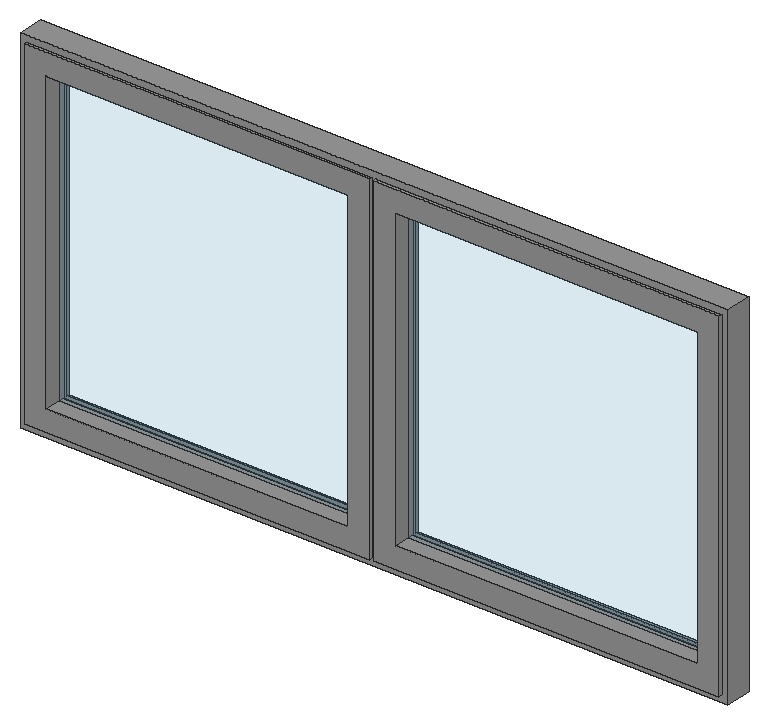
Revit family "Kawneer_Window_GT70s_Pos003", category Windows, host Wall, Revit 2020
Family settings
  Host = Wall
  OmniClass Number = 23.30.20.00
  OmniClass Title = Windows
  Always vertical = Yes
  Cut with Voids When Loaded = No
  Shared = No
  Room Calculation Point = No
Parameters (values of type "2000mm(w)x1000mm(h)")
  _ObjectUserGuide = "www.bimstore.co.uk"
  _DistributedBy = "www.bimstore.co.uk"
  _CurrentRevision = 1
  _CreatedBy = "https://www.bimstore.co/"
  _BimSpecGuid = 0
  _BSBibleVersion = 16
  _AuthorizedBy = "bimstore"
  _Author = "BS"
  WarrantyStartDate [instance] = "Please record on commissioning."
  WarrantyGuarantorParts = "kuk.kawneer@arconic.com"
  WarrantyGuarantorLabor = "kuk.kawneer@arconic.com"
  WarrantyDurationUnit = "Years"
  WarrantyDurationParts = "n/a"
  WarrantyDurationLabor = "n/a"
  WarrantyDescription = "Kawneer Lifetime Guarantee"
  WallThickness [instance] = 300 mm
  URL = "https://www.kawneer.com"
  TypeName = Model  # "GT70s - Pos 003"
  Type Comments = "2000mm(w)x1000mm(h)"
  TopPanel = 600 mm
  SpareParts = "n/a"
  Size = Type Comments  # "2000mm(w)x1000mm(h)"
  Shape = "Rectangle"
  SerialNumber [instance] = "Please record on commissioning."
  Rough Width = system length 1  # 2000 mm
  Rough Height = system length 2  # 1000 mm
  ReplacementCost = "n/a"
  ReferencedStandard = "n/a"
  ProductionYear = "2022"
  OffsetOutward [instance] = if(ExternalRevealDepth > 0 mm, 0 mm, 0 mm - ExternalRevealDepth)  # 0 mm
  OffsetInward [instance] = if(OffsetOutward = 0 mm, ExternalRevealDepth, 0 mm)  # 30 mm
  NominalLength = system length 1  # 2000 mm
  NominalHeight = system length 2  # 1000 mm
  NominalDepth = FrameDepth  # 72 mm
  NBSReference = "45-25-99/310"
  NBSOfficeMasterTag = "n/a"
  NBSObjectName = "Kawneer - Aluminium window units"
  NBSNote = "n/a"
  NBSDescription = "Aluminium window units"
  ModelReference = Type Comments  # "2000mm(w)x1000mm(h)"
  ModelNumber = Model  # "GT70s - Pos 003"
  Model = "GT70s - Pos 003"
  Material = "Aluminium"
  ManufacturerName = "Kawneer UK Limited"
  Manufacturer = "Kawneer UK Limited"
  Keynote = "L10/330"
  JambTolerance = 0 mm
  IronmongeryMaterial [instance] = Aluminum
  InternalRevealThickness = 5 mm
  InternalRevealDepth [instance] = WallThickness - ExternalRevealDepth - FrameDepth  # 198 mm
  InstallationDate [instance] = "Please record on commissioning."
  IfcExportType = "IfcWindowTypeEnum.WINDOW"
  IfcExportAs = "IfcWindow"
  system length 2 = 1000 mm
  HeadTolerance = 0 mm
  HasCill [instance] = no
  Grade = "n/a"
  GlazingThickness = 28 mm  # constant formula
  GlazingMaterial [instance] = Kawneer Glass
  GlassThickness = 6 mm  # constant formula
  GlassOffset_EXT = 7 mm  # constant formula
  FrameWidth = 79 mm  # constant formula
  FrameMaterial [instance] = Aluminum
  Finish = "PPC"
  Features = "n/a"
  ExternalRevealDepth [instance] = 30 mm
  ExpectedLife = 0
  DurationUnit = "Years"
  DocumentationTechnical = "n/a"
  DocumentationMaintenance = "n/a"
  DocumentationLiterature = "https://www.kawneer.com"
  DocumentationInstallationGuide = "n/a"
  DocumentationCertificates = "n/a"
  Description = "Window"
  FrameDepth = 72 mm  # constant formula
  Default Cill Height = 800 mm
  Wall Closure = By host
  system length 1 = 2000 mm
  CreatedOn = "12-09.2022 T09:00:00"
  CreatedBy = "kuk.kawneer@arconic.com"
  Constituents = "n/a"
  Color = "n/a"
  CodePerformance = "n/a"
  ClassificationValue = "Pr_30_59_98_02"
  ClassificationName = "Uniclass2015"
  CillHeight [instance] = if(HasCill, 30 mm, 0 mm)  # 0 mm
  BottomPanel = 600 mm
  BarCode [instance] = "Please record on commissioning."
  BIMObjectName = "Kawneer_Window_GT70s_Pos003"
  AssetType = "Fixed"
  AssetIdentifier [instance] = "n/a"
  Assembly Code = "B2020100"
  AccessibilityPerformance = "n/a"
Values of the unnamed type that differ from the named types
  Wall Closure = (empty or 0)
Reference planes
  plane 1 "Center (Front/Back)": y = 0
  plane 2 "Center (Left/Right)": x = 0
  plane 3 "Left": x = -1000
  plane 4 "Right": x = 1000
  plane 5 "Sill": z = 800
  plane 6 "Head": z = 1800
  plane 7 "Exterior": y = 150
  plane 8 "Interior": y = -150
  plane 9 "Front": y = 120
  plane 10 "Frame Rear": y = 48
  plane 11 "Base": z = 800
  plane 12 "Offset Inward": y = 120
  plane 13: x = -995
  plane 14: x = 995
  plane 15 "7": z = 1795
  plane 16 "Int Wrap": y = 48
  plane 17 "CL": z = 1300
  plane 18 "JAMB TOL A": x = -1000
  plane 19 "JAMB TOL B": x = 1000
  plane 20 "HEAD TOL": z = 1800
  plane 21 "HEAD TOL E": z = 1721
  plane 22 "HEAD TOL F": z = 879
  plane 23 "Handle Int": y = 48
Forms (mm)
  Extrusion 1, void
    sketch origin (0, 0, 0) x (1, 0, 0) y (0, 1, 0)
      loop
        line (-995, 48) -> (-995, -150) -> (995, -150) -> (995, 48) -> (-995, 48)
    from 800 to 1795
  Extrusion 2, void
    sketch origin (0, 0, 0) x (1, 0, 0) y (0, 1, 0)
      loop
        line (-1000, 150) -> (-1000, 48) -> (1000, 48) -> (1000, 150) -> (-1000, 150)
    from 800 to 1800
Lines and regions (mm)
  Masking region 1
    outline origin (-1000, 0, 0) x (0, -1, 0) y (0, 0, 1)
      loop
        line (150, 1800) -> (-48, 1800) -> (-48, 1795) -> (150, 1795) -> (150, 1800)
Text (mm)
  text "EXTERIOR" at (-1963.203, 1332.353, 0), in view "Ref. Level"
  text "INTERIOR" at (-1981.466, -818.386, 0), in view "Ref. Level"
  text "Exterior" at (0, 923.751, 2943.296), in view "Right"
  text "Exterior" at (0, 1040.484, 2685.409), in view "Left"
Dimensions and locks
  equal spacing: plane 3 "Left", plane 2 "Center (Left/Right)", plane 4 "Right"
  "system length 1": plane 3 "Left" to plane 4 "Right"
  "system length 2": plane 5 "Sill" to plane 6 "Head"
  "Default Cill Height": plane 5 "Sill" to level
  locked: plane 7 "Exterior" to host wall
  locked: plane 8 "Interior" to host wall
  "FrameDepth": plane 9 "Front" to plane 10 "Frame Rear"
  "OffsetInward": plane 12 "Offset Inward" to plane 7 "Exterior"
  "OffsetOutward": plane 9 "Front" to plane 12 "Offset Inward"
  "InternalRevealThickness": plane 3 "Left" to plane 13
  "InternalRevealThickness": plane 14 to plane 4 "Right"
  "InternalRevealThickness": plane 6 "Head" to plane 15 "7"
  "InternalRevealDepth": plane 8 "Interior" to plane 16 "Int Wrap"
  "WallThickness": host wall to host wall
  equal spacing: plane 5 "Sill", plane 17 "CL", plane 6 "Head"
  "JambTolerance": plane 19 "JAMB TOL B" to plane 4 "Right"
  "JambTolerance": plane 3 "Left" to plane 18 "JAMB TOL A"
  "HeadTolerance": plane 20 "HEAD TOL" to plane 6 "Head"
  "FrameWidth": plane 21 "HEAD TOL E" to plane 20 "HEAD TOL"
  "FrameWidth": plane 11 "Base" to plane 22 "HEAD TOL F"
  "CillHeight": plane 5 "Sill" to plane 11 "Base"
  locked: plane 9 "Front" to plane 23 "Handle Int" at 72
  aligned and locked: Extrusion 1 sketch curve to plane 16 "Int Wrap"
  aligned and locked: Extrusion 1 sketch curve to plane 13
  aligned and locked: Extrusion 1 sketch curve to plane 14
  aligned and locked: Extrusion 1 sketch curve to plane 8 "Interior"
  aligned and locked: Extrusion 1 to plane 15 "7"
  aligned and locked: plane 5 "Sill" to Extrusion 1
  aligned and locked: Extrusion 2 sketch curve to plane 3 "Left"
  aligned and locked: plane 4 "Right" to Extrusion 2 sketch curve
  aligned and locked: Extrusion 2 sketch curve to plane 16 "Int Wrap"
  aligned and locked: Extrusion 2 to plane 6 "Head"
  aligned and locked: plane 5 "Sill" to Extrusion 2
  aligned and locked: plane 7 "Exterior" to Extrusion 2 sketch curve
  aligned and locked: plane 16 "Int Wrap" to Masking region 1 sketch curve
  aligned and locked: plane 15 "7" to Masking region 1 sketch curve
  aligned and locked: Masking region 1 sketch curve to plane 6 "Head"
  aligned and locked: host wall to Masking region 1 sketch curve
  aligned and locked: nested 1 to plane 20 "HEAD TOL"
  aligned and locked: nested 1 to plane 11 "Base"
  aligned and locked: nested 1 to plane 19 "JAMB TOL B"
  aligned and locked: plane 18 "JAMB TOL A" to nested 1
  aligned and locked: nested 1 to plane 9 "Front"
Nested families
  nested 1: "Kawneer_GT70s_Pos003" at (1000, 120, 1300) x (-1, 0, 0) z (0, 0, 1), FrameMaterial <- "FrameMaterial", GlassMaterial <- "GlazingMaterial", type ""
    with Width 2000 mm, Height 1000 mm, GlassMaterial Kawneer Glass, FrameMaterial Aluminum
Definition of nested family "Kawneer_GT70s_Pos003"
  Parameters (values of type "Kawneer_GT70s_Pos003")
    Width [instance] = 2000 mm
    TopPanel = 600 mm
    Offset = 0 mm
    Height [instance] = 1000 mm
    GlassMaterial [instance] = none
    GPane = 6 mm
    FrameMaterial [instance] = none
    Default Elevation = 0 mm
    BottomPanel = 600 mm
  Reference planes
    plane 1 "Center (Front/Back)": y = 0
    plane 2: z = 0
    plane 3 "Center (Left/Right)": x = 0
    plane 4 "Frame Front": y = 0
    plane 5 "Frame": y = 72
    plane 6: x = 2000
    plane 7: z = 500
    plane 8: z = -500
    plane 9 "Glass Front": y = 7
    plane 10: y = 13
    plane 11: y = 29
    plane 12: y = 35
    plane 13 "CL": x = 1000
    plane 14: x = 69.95
    plane 15: x = 1930.05
    plane 16: z = 430.05
    plane 17: z = -430.05
    plane 18: x = 942.05
    plane 19: x = 1057.95
    plane 20: x = 506
  Forms (mm)
    Extrusion 1, solid, material <- "GlassMaterial"
      sketch origin (0, 0, 0) x (1, 0, 0) y (0, 1, 0)
        loop
          line (69.95, 35) -> (69.95, 29) -> (942.05, 29) -> (942.05, 35) -> (69.95, 35)
        loop
          line (1930.05, 29) -> (1930.05, 35) -> (1057.95, 35) -> (1057.95, 29) -> (1930.05, 29)
        loop
          line (69.95, 13) -> (69.95, 7) -> (942.05, 7) -> (942.05, 13) -> (69.95, 13)
        loop
          line (1930.05, 7) -> (1930.05, 13) -> (1057.95, 13) -> (1057.95, 7) -> (1930.05, 7)
      from -430.05 to 430.05
    Sweep 2, solid, material <- "FrameMaterial"
      path origin (0, 0, 0) x (-1, 0, 0) y (0, 0, 1)
        loop
          line (-2000, 500) -> (-2000, -500) -> (0, -500) -> (0, 500) -> (-2000, 500)
      profile "Kawneer_GT70s_JambFixed_Profile : Kawneer_GT70s_JambFixed_Profile" origin (2000, 0, 0) x (-1, 0, 0) y (0, 1, 0)
        loop
          line (0, 72) -> (0, 0) -> (39, 0) -> (39, 4) -> (24, 4) -> (24, 72) -> (0, 72)
    Sweep 3, solid, material <- "FrameMaterial"
      path origin (0, 0, 0) x (-1, 0, 0) y (0, 0, 1)
        loop
          line (-1000, 500) -> (-1000, -500)
      profile "Kawneer_GT70s_Mull3_Profile : Kawneer_GT70s_Mull3_Profile" origin (1000, 0, 0) x (-1, 0, 0) y (0, 1, 0)
        loop
          line (-12, 72) -> (-12, 4.7) -> (-27, 4.7) -> (-27, 0) -> (27, 0) -> (27, 4.7) -> (12, 4.7) -> (12, 72) -> (-12, 72)
    Sweep 4, solid, material <- "FrameMaterial"
      path origin (0, 7, 0) x (-1, 0, 0) y (0, 0, 1)
        loop
          line (-1930.05, 430.05) -> (-1930.05, -430.05) -> (-1057.95, -430.05) -> (-1057.95, 430.05) -> (-1930.05, 430.05)
      profile "Kawneer_GT70s_OpenVent3_Profile : Kawneer_GT70s_OpenVent3_Profile" origin (1930.05, 7, 0) x (-1, 0, 0) y (0, 1, 0)
        loop
          line (-51.95, 65) -> (-45, 65) -> (-45, -2.3) -> (-18.951, -2.3) -> (-18.951, -7) -> (9.05, -7) -> (9.05, 0) -> (0, 0) -> (0, 28) -> (9.05, 28) -> (9.05, 73) -> (-51.95, 73) -> (-51.95, 65)
    Sweep 5, solid, material <- "FrameMaterial"
      path origin (0, 7, 0) x (-1, 0, 0) y (0, 0, 1)
        loop
          line (-69.95, 430.05) -> (-942.05, 430.05) -> (-942.05, -430.05) -> (-69.95, -430.05) -> (-69.95, 430.05)
      profile "Kawneer_GT70s_OpenVent3_Profile : Kawneer_GT70s_OpenVent3_Profile" origin (69.95, 7, 0) x (-1, 0, 0) y (0, 1, 0)
        loop
          line (51.95, 65) -> (51.95, 73) -> (-9.05, 73) -> (-9.05, 28) -> (0, 28) -> (0, 0) -> (-9.05, 0) -> (-9.05, -7) -> (18.951, -7) -> (18.951, -2.3) -> (45, -2.3) -> (45, 65) -> (51.95, 65)
  Cuts and joins
    joined: Sweep 2, Sweep 3
  Lines and regions (mm)
    symbolic lines
      curve 1: line (933.266, 7, 421.318) -> (79.95, 7, 0)
      curve 2: line (79.95, 7, 0) -> (933, 7, -420.05)
      curve 3: line (1067, 7, 421) -> (1920.05, 7, 0)
      curve 4: line (1920.05, 7, 0) -> (1067, 7, -420.05)
      curve 5: line (79, 7, 421) -> (506, 7, -421)
      curve 6: line (506, 7, -421) -> (933.266, 7, 421.318)
  Dimensions and locks
    equal spacing: plane 7, level, plane 8
    "Height": plane 7 to plane 8
    "Width": plane 6 to plane 3 "Center (Left/Right)"
    locked: plane 5 "Frame" to plane 4 "Frame Front" at 72
    "Offset": plane 4 "Frame Front" to plane 1 "Center (Front/Back)"
    equal spacing: plane 6, plane 13 "CL", plane 3 "Center (Left/Right)"
    locked: plane 9 "Glass Front" to plane 4 "Frame Front" at 7
    locked: plane 12 to plane 9 "Glass Front" at 28
    "GPane": plane 12 to plane 11
    "GPane": plane 10 to plane 9 "Glass Front"
    locked: plane 14 to plane 3 "Center (Left/Right)" at 69.95
    locked: plane 6 to plane 15 at 69.95
    locked: plane 7 to plane 16 at 69.95
    locked: plane 17 to plane 8 at 69.95
    locked: plane 13 "CL" to plane 18 at 57.95
    locked: plane 19 to plane 13 "CL" at 57.95
    equal spacing: plane 18, plane 20, plane 14
    aligned and locked: level to plane 2
    aligned and locked: Extrusion 1 sketch curve to plane 12
    aligned and locked: plane 11 to Extrusion 1 sketch curve
    aligned and locked: Extrusion 1 sketch curve to plane 10
    aligned and locked: plane 9 "Glass Front" to Extrusion 1 sketch curve
    aligned and locked: plane 14 to Extrusion 1 sketch curve  (x2)
    aligned and locked: Extrusion 1 sketch curve to plane 15  (x2)
    aligned and locked: plane 6 to Sweep 2 sketch curve
    aligned and locked: plane 8 to Sweep 2 sketch curve
    aligned and locked: plane 7 to Sweep 2 sketch curve
    aligned and locked: plane 3 "Center (Left/Right)" to Sweep 2 sketch curve
    aligned and locked: plane 16 to Extrusion 1
    aligned and locked: Extrusion 1 to plane 17
    aligned and locked: plane 4 "Frame Front" to nested 1
    aligned and locked: plane 6 to nested 1
    aligned and locked: plane 4 "Frame Front" to nested 2
    aligned and locked: plane 13 "CL" to nested 2
    aligned and locked: Extrusion 1 sketch curve to plane 18  (x2)
    aligned and locked: Extrusion 1 sketch curve to plane 19  (x2)
    aligned and locked: plane 7 to Sweep 3 sketch curve
    aligned and locked: plane 8 to Sweep 3 sketch curve
    aligned and locked: nested 3 to plane 4 "Frame Front"
    aligned and locked: plane 3 "Center (Left/Right)" to nested 3
    aligned and locked: plane 15 to Sweep 4 sketch curve
    aligned and locked: plane 17 to Sweep 4 sketch curve
    aligned and locked: plane 19 to Sweep 4 sketch curve
    aligned and locked: plane 16 to Sweep 4 sketch curve
    aligned and locked: plane 14 to Sweep 5 sketch curve
    aligned and locked: plane 16 to Sweep 5 sketch curve
    aligned and locked: plane 18 to Sweep 5 sketch curve
    aligned and locked: plane 17 to Sweep 5 sketch curve
    aligned and locked: nested 4 to plane 8
    aligned and locked: nested 4 to plane 4 "Frame Front"
    aligned and locked: nested 5 to plane 7
    aligned and locked: plane 4 "Frame Front" to nested 5
  Automatic sketch dimensions
    Extrusion 1 sketch curve to plane 11 = 0 mm
    Extrusion 1 sketch curve to plane 12 = 0 mm
    Extrusion 1 sketch curve to plane 10 = 0 mm
    Extrusion 1 sketch curve to plane 9 "Glass Front" = 0 mm
    Sweep 3 sketch curve to plane 13 "CL" = 0 mm
    curve 3 to level = 0 mm
    curve 6 to plane 20 = 0 mm
    curve 1 to level = 0 mm
    curve 4 to plane 15 = 10 mm
    plane 14 to curve 1 = 10 mm
    curve 2 to plane 18 = 9.05 mm
    curve 6 to plane 18 = 8.783 mm
    plane 19 to curve 4 = 9.05 mm
    plane 19 to curve 3 = 9.05 mm
    plane 14 to curve 5 = 9.05 mm
    plane 17 to curve 4 = 10 mm
    plane 17 to curve 2 = 10 mm
    plane 17 to curve 6 = 9.05 mm
    curve 3 to plane 16 = 9.05 mm
    curve 5 to plane 16 = 9.05 mm
    curve 1 to plane 16 = 8.731 mm
  Nested families
    nested 1: "Kawneer_GT70s_Jamb3" at (2000, 72, 0), type "Jamb Open"
      with Open yes
    nested 2: "Kawneer_GT70s_Mull3" at (1000, 72, 0), type "Jamb Open"
      with Open yes
    nested 3: "Kawneer_GT70s_Jamb3" at (0, 72, 0) x (-1, 0, 0) z (0, 0, 1), type ""
      with Open yes
    nested 4: "Kawneer_GT70s_Jamb3" at (0, 72, -500) x (0, 0, -1) z (1, 0, 0), type "Jamb Open"
    nested 5: "Kawneer_GT70s_Jamb3" at (0, 72, 500) x (0, 0, 1) z (1, 0, 0), type ""
  Definition of nested family "Kawneer_GT70s_Jamb3"
    Parameters (values of type "Jamb Open")
      Open [instance] = yes
    Reference planes
      plane 1 "Center (Front/Back)": y = 0
      plane 2: z = 0
      plane 3 "Center (Left/Right)": x = 0
      plane 4: x = -79
      plane 5: x = -69.95
      plane 6: y = -37
      plane 7: y = -72
      plane 8: y = -65
    Lines and regions (mm)
      detail lines, in view "Ref. Level", detail levels coarse+medium
        curve 1: line (0, -72, 0) -> (0, 0, 0)
        curve 2: line (0, 0, 0) -> (-18, 0, 0)
        curve 3: line (-18, 0, 0) -> (-18, 8, 0)
        curve 4: line (-18, 8, 0) -> (-79, 8, 0)
        curve 5: line (-79, 8, 0) -> (-79, -37, 0)
        curve 6: line (-79, -37, 0) -> (-69.95, -37, 0)
        curve 7: line (-69.95, -37, 0) -> (-69.95, -65, 0)
        curve 8: line (-69.95, -65, 0) -> (-79, -65, 0)
        curve 9: line (-79, -65, 0) -> (-79, -72, 0)
        curve 10: line (-79, -72, 0) -> (0, -72, 0)
      model lines, in view "Ref. Level", detail levels fine
        curve 11: arc (-48.749, -39.1, 0) -> (-47.849, -38.2, 0) -> (-48.749, -37.3, 0) r 0.9
        curve 12: arc (-53.347, -39.499, 0) -> (-54.247, -40.399, 0) -> (-53.347, -41.299, 0) r 0.9
        curve 13: arc (-58.95, -63.046, 0) -> (-59.097, -62.693, 0) -> (-59.45, -62.546, 0) r 0.5
        curve 14: arc (-63.95, -62.046, 0) -> (-63.804, -62.4, 0) -> (-63.45, -62.546, 0) r 0.5
        curve 15: arc (-63.45, -51.046, 0) -> (-63.804, -51.193, 0) -> (-63.95, -51.546, 0) r 0.5
        curve 16: arc (-59.45, -51.046, 0) -> (-59.097, -50.9, 0) -> (-58.95, -50.546, 0) r 0.5
        curve 17: arc (-63.95, -48.546, 0) -> (-63.804, -48.9, 0) -> (-63.45, -49.046, 0) r 0.5
        curve 18: arc (-58.95, -49.546, 0) -> (-59.097, -49.193, 0) -> (-59.45, -49.046, 0) r 0.5
        curve 19: arc (-59.45, -14.046, 0) -> (-59.097, -13.9, 0) -> (-58.95, -13.546, 0) r 0.5
        curve 20: arc (-63.45, -14.046, 0) -> (-63.804, -14.193, 0) -> (-63.95, -14.546, 0) r 0.5
        curve 21: arc (-58.95, -10.046, 0) -> (-59.097, -9.693, 0) -> (-59.45, -9.546, 0) r 0.5
        curve 22: arc (-60.95, -9.546, 0) -> (-61.304, -9.693, 0) -> (-61.45, -10.046, 0) r 0.5
        curve 23: arc (-61.95, -12.046, 0) -> (-61.597, -11.9, 0) -> (-61.45, -11.546, 0) r 0.5
        curve 24: spline (-76.861, -35.939, 0) -> (-76.983, -36.099, 0) -> (-77.115, -36.249, 0) -> (-77.258, -36.387, 0) -> (-77.41, -36.512, 0) -> (-77.571, -36.625, 0) -> (-77.739, -36.724, 0) -> (-77.913, -36.809, 0) -> (-78.093, -36.879, 0) -> (-78.277, -36.934, 0) -> (-78.465, -36.973, 0) -> (-78.655, -36.997, 0) -> (-78.846, -37.005, 0)
        curve 25: spline (-76.658, -35.658, 0) -> (-76.512, -35.487, 0) -> (-76.345, -35.341, 0) -> (-76.161, -35.222, 0) -> (-75.964, -35.133, 0) -> (-75.756, -35.075, 0) -> (-75.543, -35.05, 0) -> (-75.329, -35.058, 0) -> (-75.119, -35.099, 0) -> (-74.916, -35.172, 0) -> (-74.724, -35.276, 0) -> (-74.548, -35.409, 0) -> (-74.391, -35.567, 0)
        curve 26: spline (-72.288, -37.005, 0) -> (-72.424, -37, 0) -> (-72.56, -36.985, 0) -> (-72.695, -36.96, 0) -> (-72.828, -36.924, 0) -> (-72.958, -36.879, 0) -> (-73.085, -36.825, 0) -> (-73.209, -36.761, 0) -> (-73.328, -36.688, 0) -> (-73.442, -36.607, 0) -> (-73.551, -36.517, 0) -> (-73.654, -36.419, 0) -> (-73.751, -36.314, 0)
        curve 27: spline (-70.369, -35.717, 0) -> (-70.231, -35.77, 0) -> (-70.11, -35.857, 0) -> (-70.012, -35.974, 0) -> (-69.942, -36.113, 0) -> (-69.905, -36.266, 0) -> (-69.904, -36.425, 0) -> (-69.937, -36.579, 0) -> (-70.004, -36.72, 0) -> (-70.1, -36.839, 0) -> (-70.219, -36.929, 0) -> (-70.355, -36.986, 0) -> (-70.5, -37.005, 0)
        curve 28: spline (-70.369, -35.717, 0) -> (-70.564, -35.662, 0) -> (-70.755, -35.592, 0) -> (-70.941, -35.509, 0) -> (-71.122, -35.413, 0) -> (-71.296, -35.304, 0) -> (-71.464, -35.182, 0) -> (-71.623, -35.048, 0) -> (-71.774, -34.903, 0) -> (-71.916, -34.747, 0) -> (-72.047, -34.582, 0) -> (-72.168, -34.407, 0) -> (-72.278, -34.223, 0)
        curve 29: spline (-73.387, -32.421, 0) -> (-73.289, -32.567, 0) -> (-73.192, -32.714, 0) -> (-73.096, -32.861, 0) -> (-73.001, -33.01, 0) -> (-72.907, -33.159, 0) -> (-72.814, -33.309, 0) -> (-72.722, -33.459, 0) -> (-72.631, -33.611, 0) -> (-72.541, -33.763, 0) -> (-72.453, -33.915, 0) -> (-72.365, -34.069, 0) -> (-72.278, -34.223, 0)
        curve 30: spline (-73.758, -32.12, 0) -> (-73.722, -32.135, 0) -> (-73.686, -32.153, 0) -> (-73.651, -32.172, 0) -> (-73.617, -32.193, 0) -> (-73.584, -32.216, 0) -> (-73.552, -32.241, 0) -> (-73.521, -32.267, 0) -> (-73.492, -32.295, 0) -> (-73.464, -32.324, 0) -> (-73.437, -32.355, 0) -> (-73.411, -32.388, 0) -> (-73.387, -32.421, 0)
        curve 31: spline (-75.918, -31.492, 0) -> (-75.907, -31.466, 0) -> (-75.893, -31.442, 0) -> (-75.877, -31.421, 0) -> (-75.858, -31.402, 0) -> (-75.837, -31.386, 0) -> (-75.814, -31.372, 0) -> (-75.79, -31.362, 0) -> (-75.765, -31.356, 0) -> (-75.739, -31.353, 0) -> (-75.713, -31.354, 0) -> (-75.688, -31.358, 0) -> (-75.663, -31.366, 0)
        curve 32: spline (-75.973, -31.825, 0) -> (-75.978, -31.85, 0) -> (-75.986, -31.874, 0) -> (-75.997, -31.896, 0) -> (-76.01, -31.918, 0) -> (-76.025, -31.937, 0) -> (-76.041, -31.954, 0) -> (-76.06, -31.969, 0) -> (-76.08, -31.982, 0) -> (-76.102, -31.992, 0) -> (-76.124, -31.999, 0) -> (-76.147, -32.004, 0) -> (-76.17, -32.005, 0)
        curve 33: spline (-78.332, -32.005, 0) -> (-78.443, -31.997, 0) -> (-78.552, -31.972, 0) -> (-78.656, -31.93, 0) -> (-78.755, -31.874, 0) -> (-78.845, -31.803, 0) -> (-78.925, -31.719, 0) -> (-78.994, -31.623, 0) -> (-79.05, -31.519, 0) -> (-79.092, -31.407, 0) -> (-79.119, -31.289, 0) -> (-79.131, -31.169, 0) -> (-79.127, -31.048, 0)
        curve 34: spline (-79.432, -29.319, 0) -> (-79.381, -29.296, 0) -> (-79.326, -29.284, 0) -> (-79.271, -29.284, 0) -> (-79.216, -29.294, 0) -> (-79.164, -29.315, 0) -> (-79.117, -29.347, 0) -> (-79.075, -29.387, 0) -> (-79.041, -29.435, 0) -> (-79.016, -29.489, 0) -> (-79.001, -29.547, 0) -> (-78.995, -29.607, 0) -> (-79, -29.667, 0)
        curve 35: spline (-80.481, -30.472, 0) -> (-80.421, -30.35, 0) -> (-80.356, -30.233, 0) -> (-80.285, -30.119, 0) -> (-80.209, -30.01, 0) -> (-80.127, -29.905, 0) -> (-80.041, -29.804, 0) -> (-79.95, -29.709, 0) -> (-79.854, -29.62, 0) -> (-79.754, -29.535, 0) -> (-79.651, -29.457, 0) -> (-79.543, -29.385, 0) -> (-79.432, -29.319, 0)
        curve 36: spline (-81.268, -32.832, 0) -> (-81.222, -32.629, 0) -> (-81.172, -32.426, 0) -> (-81.119, -32.225, 0) -> (-81.062, -32.024, 0) -> (-81.001, -31.825, 0) -> (-80.937, -31.627, 0) -> (-80.87, -31.431, 0) -> (-80.799, -31.236, 0) -> (-80.724, -31.042, 0) -> (-80.646, -30.85, 0) -> (-80.565, -30.66, 0) -> (-80.481, -30.472, 0)
        curve 37: spline (-81.268, -32.832, 0) -> (-81.31, -33.008, 0) -> (-81.358, -33.181, 0) -> (-81.413, -33.352, 0) -> (-81.475, -33.521, 0) -> (-81.543, -33.687, 0) -> (-81.617, -33.849, 0) -> (-81.697, -34.008, 0) -> (-81.784, -34.163, 0) -> (-81.876, -34.314, 0) -> (-81.974, -34.46, 0) -> (-82.078, -34.602, 0) -> (-82.186, -34.74, 0)
        curve 38: spline (-81.756, -35.44, 0) -> (-81.841, -35.462, 0) -> (-81.929, -35.463, 0) -> (-82.015, -35.443, 0) -> (-82.095, -35.403, 0) -> (-82.165, -35.345, 0) -> (-82.222, -35.272, 0) -> (-82.262, -35.187, 0) -> (-82.285, -35.095, 0) -> (-82.288, -34.999, 0) -> (-82.272, -34.905, 0) -> (-82.238, -34.817, 0) -> (-82.186, -34.74, 0)
        curve 39: spline (-79.522, -33.912, 0) -> (-79.682, -34.079, 0) -> (-79.847, -34.239, 0) -> (-80.018, -34.393, 0) -> (-80.194, -34.54, 0) -> (-80.375, -34.679, 0) -> (-80.56, -34.811, 0) -> (-80.75, -34.936, 0) -> (-80.944, -35.053, 0) -> (-81.142, -35.162, 0) -> (-81.343, -35.263, 0) -> (-81.548, -35.356, 0) -> (-81.756, -35.44, 0)
        curve 40: spline (-79.522, -33.912, 0) -> (-79.336, -33.768, 0) -> (-79.118, -33.696, 0) -> (-78.89, -33.705, 0) -> (-78.677, -33.792, 0) -> (-78.501, -33.95, 0) -> (-78.38, -34.16, 0) -> (-78.329, -34.402, 0) -> (-78.351, -34.648, 0) -> (-78.446, -34.874, 0) -> (-78.601, -35.055, 0) -> (-78.803, -35.171, 0) -> (-79.027, -35.212, 0)
        curve 41: spline (-82.154, -35.961, 0) -> (-82.067, -35.854, 0) -> (-81.973, -35.754, 0) -> (-81.873, -35.661, 0) -> (-81.768, -35.576, 0) -> (-81.657, -35.499, 0) -> (-81.542, -35.43, 0) -> (-81.423, -35.37, 0) -> (-81.3, -35.32, 0) -> (-81.174, -35.278, 0) -> (-81.046, -35.246, 0) -> (-80.916, -35.224, 0) -> (-80.785, -35.212, 0)
        curve 42: spline (-82.154, -35.961, 0) -> (-82.166, -35.976, 0) -> (-82.178, -35.99, 0) -> (-82.191, -36.004, 0) -> (-82.203, -36.018, 0) -> (-82.216, -36.032, 0) -> (-82.228, -36.046, 0) -> (-82.241, -36.059, 0) -> (-82.254, -36.073, 0) -> (-82.267, -36.086, 0) -> (-82.28, -36.1, 0) -> (-82.293, -36.113, 0) -> (-82.307, -36.126, 0)
        curve 43: spline (-82.611, -36.478, 0) -> (-82.588, -36.446, 0) -> (-82.564, -36.415, 0) -> (-82.541, -36.384, 0) -> (-82.516, -36.354, 0) -> (-82.491, -36.324, 0) -> (-82.466, -36.294, 0) -> (-82.441, -36.265, 0) -> (-82.415, -36.236, 0) -> (-82.388, -36.208, 0) -> (-82.361, -36.18, 0) -> (-82.334, -36.153, 0) -> (-82.307, -36.126, 0)
        curve 44: spline (-82.375, -37.005, 0) -> (-82.431, -36.999, 0) -> (-82.484, -36.983, 0) -> (-82.534, -36.955, 0) -> (-82.579, -36.919, 0) -> (-82.616, -36.873, 0) -> (-82.645, -36.822, 0) -> (-82.665, -36.765, 0) -> (-82.674, -36.705, 0) -> (-82.674, -36.644, 0) -> (-82.662, -36.585, 0) -> (-82.641, -36.529, 0) -> (-82.611, -36.478, 0)
        curve 45: arc (-15.5, -1.4, 0) -> (-15.641, -1.459, 0) -> (-15.7, -1.6, 0) r 0.2
        curve 46: arc (-15.9, -1.8, 0) -> (-15.759, -1.741, 0) -> (-15.7, -1.6, 0) r 0.2
        curve 47: arc (-17, -1.8, 0) -> (-17.141, -1.859, 0) -> (-17.2, -2, 0) r 0.2
        curve 48: arc (-17.4, -3.213, 0) -> (-17.259, -3.154, 0) -> (-17.2, -3.013, 0) r 0.2
        curve 49: arc (-17.4, -3.213, 0) -> (-17.541, -3.271, 0) -> (-17.6, -3.413, 0) r 0.2
        curve 50: arc (-17.6, -15.2, 0) -> (-17.541, -15.341, 0) -> (-17.4, -15.4, 0) r 0.2
        curve 51: arc (-17.2, -15.6, 0) -> (-17.259, -15.459, 0) -> (-17.4, -15.4, 0) r 0.2
        curve 52: arc (-17.2, -16.5, 0) -> (-17.141, -16.641, 0) -> (-17, -16.7, 0) r 0.2
        curve 53: arc (-16.1, -16.8, 0) -> (-16.173, -16.727, 0) -> (-16.273, -16.7, 0) r 0.2
        curve 54: arc (-16.1, -16.8, 0) -> (-16.027, -16.873, 0) -> (-15.927, -16.9, 0) r 0.2
        curve 55: arc (-8.073, -16.9, 0) -> (-7.973, -16.873, 0) -> (-7.9, -16.8, 0) r 0.2
        curve 56: arc (-7.727, -16.7, 0) -> (-7.827, -16.727, 0) -> (-7.9, -16.8, 0) r 0.2
        curve 57: arc (-7, -16.7, 0) -> (-6.859, -16.641, 0) -> (-6.8, -16.5, 0) r 0.2
        curve 58: arc (-6.6, -15.4, 0) -> (-6.741, -15.459, 0) -> (-6.8, -15.6, 0) r 0.2
        curve 59: arc (-6.6, -15.4, 0) -> (-6.459, -15.341, 0) -> (-6.4, -15.2, 0) r 0.2
        curve 60: arc (-6.4, -3.413, 0) -> (-6.459, -3.271, 0) -> (-6.6, -3.213, 0) r 0.2
        curve 61: arc (-6.8, -3.013, 0) -> (-6.741, -3.154, 0) -> (-6.6, -3.213, 0) r 0.2
        curve 62: arc (-6.8, -2, 0) -> (-6.859, -1.859, 0) -> (-7, -1.8, 0) r 0.2
        curve 63: arc (-8.3, -1.6, 0) -> (-8.241, -1.741, 0) -> (-8.1, -1.8, 0) r 0.2
        curve 64: arc (-8.3, -1.6, 0) -> (-8.359, -1.459, 0) -> (-8.5, -1.4, 0) r 0.2
        curve 65: arc (0, -0.5, 0) -> (-0.146, -0.146, 0) -> (-0.5, 0, 0) r 0.5
        curve 66: arc (-1.222, -4.184, 0) -> (-0.333, -3.447, 0) -> (0, -2.342, 0) r 2
        curve 67: arc (-1.5, -4, 0) -> (-1.411, -4.167, 0) -> (-1.222, -4.184, 0) r 0.2
        curve 68: arc (-1.5, -2.3, 0) -> (-1.646, -1.946, 0) -> (-2, -1.8, 0) r 0.5
        curve 69: arc (-4.5, -1.8, 0) -> (-4.854, -1.946, 0) -> (-5, -2.3, 0) r 0.5
        curve 70: arc (-5, -15.8, 0) -> (-4.854, -16.154, 0) -> (-4.5, -16.3, 0) r 0.5
        curve 71: arc (-2, -16.3, 0) -> (-1.646, -16.154, 0) -> (-1.5, -15.8, 0) r 0.5
        curve 72: arc (-1.212, -14.22, 0) -> (-1.406, -14.23, 0) -> (-1.5, -14.4, 0) r 0.2
        curve 73: arc (-0.2, -15.839, 0) -> (-0.474, -14.884, 0) -> (-1.212, -14.22, 0) r 1.8
        curve 74: arc (-1.2, -19.6, 0) -> (-0.493, -19.307, 0) -> (-0.2, -18.6, 0) r 1
        curve 75: arc (-1.5, -19.4, 0) -> (-1.441, -19.541, 0) -> (-1.3, -19.6, 0) r 0.2
        curve 76: arc (-1.5, -18.2, 0) -> (-1.559, -18.059, 0) -> (-1.7, -18, 0) r 0.2
        curve 77: arc (-4.3, -18, 0) -> (-4.795, -18.205, 0) -> (-5, -18.7, 0) r 0.7
        curve 78: arc (-5.45, -21.627, 0) -> (-5.15, -21.627, 0) -> (-5, -21.367, 0) r 0.3
        curve 79: arc (-7.027, -20.258, 0) -> (-7.288, -20.366, 0) -> (-7.18, -20.628, 0) r 0.2
        curve 80: arc (-6.413, -18.777, 0) -> (-6.432, -18.589, 0) -> (-6.598, -18.5, 0) r 0.2
        curve 81: arc (-10.2, -18.5, 0) -> (-10.341, -18.559, 0) -> (-10.4, -18.7, 0) r 0.2
        curve 82: arc (-9.584, -21, 0) -> (-9.384, -20.785, 0) -> (-9.614, -20.602, 0) r 0.2
        curve 83: arc (-11.49, -20.581, 0) -> (-10.754, -20.893, 0) -> (-9.961, -21, 0) r 3
        curve 84: arc (-11.49, -20.581, 0) -> (-12, -20.441, 0) -> (-12.51, -20.581, 0) r 1
        curve 85: arc (-14.039, -21, 0) -> (-13.246, -20.893, 0) -> (-12.51, -20.581, 0) r 3
        curve 86: arc (-14.381, -20.603, 0) -> (-14.615, -20.782, 0) -> (-14.416, -21, 0) r 0.2
        curve 87: arc (-13.6, -18.7, 0) -> (-13.659, -18.559, 0) -> (-13.8, -18.5, 0) r 0.2
        curve 88: arc (-17.402, -18.5, 0) -> (-17.568, -18.589, 0) -> (-17.587, -18.777, 0) r 0.2
        curve 89: arc (-16.82, -20.628, 0) -> (-16.712, -20.366, 0) -> (-16.973, -20.258, 0) r 0.2
        curve 90: arc (-19, -21.367, 0) -> (-18.85, -21.627, 0) -> (-18.55, -21.627, 0) r 0.3
        curve 91: arc (-19, -18.7, 0) -> (-19.205, -18.205, 0) -> (-19.7, -18, 0) r 0.7
        curve 92: arc (-22.3, -18, 0) -> (-22.441, -18.059, 0) -> (-22.5, -18.2, 0) r 0.2
        curve 93: arc (-22.7, -19.6, 0) -> (-22.559, -19.541, 0) -> (-22.5, -19.4, 0) r 0.2
        curve 94: arc (-23.8, -18.6, 0) -> (-23.507, -19.307, 0) -> (-22.8, -19.6, 0) r 1
        curve 95: arc (-22.788, -14.22, 0) -> (-23.526, -14.884, 0) -> (-23.8, -15.839, 0) r 1.8
        curve 96: arc (-22.5, -14.4, 0) -> (-22.594, -14.23, 0) -> (-22.788, -14.22, 0) r 0.2
        curve 97: arc (-22.5, -15.8, 0) -> (-22.354, -16.154, 0) -> (-22, -16.3, 0) r 0.5
        curve 98: arc (-19.5, -16.3, 0) -> (-19.146, -16.154, 0) -> (-19, -15.8, 0) r 0.5
        curve 99: arc (-19, -2.3, 0) -> (-19.146, -1.946, 0) -> (-19.5, -1.8, 0) r 0.5
        curve 100: arc (-22, -1.8, 0) -> (-22.354, -1.946, 0) -> (-22.5, -2.3, 0) r 0.5
        curve 101: arc (-22.778, -4.184, 0) -> (-22.589, -4.167, 0) -> (-22.5, -4, 0) r 0.2
        curve 102: arc (-24, -2.342, 0) -> (-23.667, -3.447, 0) -> (-22.778, -4.184, 0) r 2
        curve 103: arc (-23.5, 0, 0) -> (-23.854, -0.146, 0) -> (-24, -0.5, 0) r 0.5
        curve 104: arc (-15.85, -34.9, 0) -> (-15.674, -35.324, 0) -> (-15.25, -35.5, 0) r 0.6
        curve 105: arc (-15.25, -34.3, 0) -> (-15.674, -34.476, 0) -> (-15.85, -34.9, 0) r 0.6
        curve 106: arc (-6.964, -34.3, 0) -> (-6.608, -34.151, 0) -> (-6.464, -33.794, 0) r 0.5
        curve 107: arc (-6.464, -33.794, 0) -> (-6.545, -30.287, 0) -> (-6.697, -26.783, 0) r 172.05
        curve 108: arc (-6.697, -26.783, 0) -> (-6.905, -25.843, 0) -> (-7.395, -25.015, 0) r 3.049
        curve 109: arc (-9.481, -21.437, 0) -> (-9.328, -22.473, 0) -> (-8.779, -23.365, 0) r 2.599
        curve 110: arc (-9.481, -20.971, 0) -> (-9.498, -20.844, 0) -> (-9.548, -20.726, 0) r 0.5
        curve 111: arc (-10.2, -18.5, 0) -> (-10.341, -18.559, 0) -> (-10.4, -18.7, 0) r 0.2
        curve 112: arc (-8.92, -18.95, 0) -> (-8.92, -18.65, 0) -> (-9.179, -18.5, 0) r 0.3
        curve 113: arc (-8.92, -18.95, 0) -> (-8.4, -19.85, 0) -> (-7.88, -18.95, 0) r 0.6
        curve 114: arc (-7.621, -18.5, 0) -> (-7.88, -18.65, 0) -> (-7.88, -18.95, 0) r 0.3
        curve 115: arc (-6.6, -18.7, 0) -> (-6.659, -18.559, 0) -> (-6.8, -18.5, 0) r 0.2
        curve 116: arc (-7.103, -20.871, 0) -> (-6.886, -21.58, 0) -> (-6.355, -22.099, 0) r 1.5
        curve 117: arc (-5.05, -23.43, 0) -> (-5.184, -22.93, 0) -> (-5.55, -22.564, 0) r 1
        curve 118: arc (-5.55, -49.436, 0) -> (-5.184, -49.07, 0) -> (-5.05, -48.57, 0) r 1
        curve 119: arc (-6.355, -49.901, 0) -> (-6.886, -50.42, 0) -> (-7.103, -51.129, 0) r 1.5
        curve 120: arc (-6.8, -53.5, 0) -> (-6.659, -53.441, 0) -> (-6.6, -53.3, 0) r 0.2
        curve 121: arc (-7.88, -53.05, 0) -> (-7.88, -53.35, 0) -> (-7.621, -53.5, 0) r 0.3
        curve 122: arc (-7.88, -53.05, 0) -> (-8.4, -52.15, 0) -> (-8.92, -53.05, 0) r 0.6
        curve 123: arc (-9.179, -53.5, 0) -> (-8.92, -53.35, 0) -> (-8.92, -53.05, 0) r 0.3
        curve 124: arc (-10.4, -53.3, 0) -> (-10.341, -53.441, 0) -> (-10.2, -53.5, 0) r 0.2
        curve 125: arc (-9.548, -51.274, 0) -> (-9.498, -51.153, 0) -> (-9.481, -51.024, 0) r 0.5
        curve 126: arc (-8.78, -48.636, 0) -> (-9.301, -49.539, 0) -> (-9.481, -50.566, 0) r 2.996
        curve 127: arc (-7.395, -46.986, 0) -> (-6.902, -46.158, 0) -> (-6.697, -45.216, 0) r 3.002
        curve 128: arc (-6.697, -45.216, 0) -> (-6.512, -40.61, 0) -> (-6.45, -36, 0) r 172.47
        curve 129: arc (-6.45, -36, 0) -> (-6.596, -35.646, 0) -> (-6.95, -35.5, 0) r 0.5
        curve 130: arc (-7.55, -37.1, 0) -> (-7.726, -36.676, 0) -> (-8.15, -36.5, 0) r 0.6
        curve 131: arc (-8.15, -37.7, 0) -> (-7.726, -37.524, 0) -> (-7.55, -37.1, 0) r 0.6
        curve 132: arc (-17.036, -37.7, 0) -> (-17.392, -37.849, 0) -> (-17.536, -38.206, 0) r 0.5
        curve 133: arc (-17.536, -38.206, 0) -> (-17.455, -41.713, 0) -> (-17.303, -45.217, 0) r 172.05
        curve 134: arc (-17.303, -45.217, 0) -> (-17.095, -46.157, 0) -> (-16.605, -46.985, 0) r 3.049
        curve 135: arc (-14.519, -50.563, 0) -> (-14.672, -49.527, 0) -> (-15.221, -48.635, 0) r 2.599
        curve 136: arc (-14.519, -51.029, 0) -> (-14.502, -51.156, 0) -> (-14.452, -51.274, 0) r 0.5
        curve 137: arc (-13.8, -53.5, 0) -> (-13.659, -53.441, 0) -> (-13.6, -53.3, 0) r 0.2
        curve 138: arc (-15.08, -53.05, 0) -> (-15.08, -53.35, 0) -> (-14.821, -53.5, 0) r 0.3
        curve 139: arc (-15.08, -53.05, 0) -> (-15.6, -52.15, 0) -> (-16.12, -53.05, 0) r 0.6
        curve 140: arc (-16.379, -53.5, 0) -> (-16.12, -53.35, 0) -> (-16.12, -53.05, 0) r 0.3
        curve 141: arc (-17.4, -53.3, 0) -> (-17.341, -53.441, 0) -> (-17.2, -53.5, 0) r 0.2
        curve 142: arc (-16.897, -51.129, 0) -> (-17.114, -50.42, 0) -> (-17.645, -49.901, 0) r 1.5
        curve 143: arc (-18.95, -48.57, 0) -> (-18.816, -49.07, 0) -> (-18.45, -49.436, 0) r 1
        curve 144: arc (-18.95, -46.5, 0) -> (-19.093, -46.143, 0) -> (-19.45, -46, 0) r 0.49
        curve 145: arc (-22.15, -46, 0) -> (-22.362, -46.088, 0) -> (-22.45, -46.3, 0) r 0.3
        curve 146: arc (-22.95, -47.4, 0) -> (-22.596, -47.254, 0) -> (-22.45, -46.9, 0) r 0.5
        curve 147: arc (-23.45, -46.9, 0) -> (-23.304, -47.254, 0) -> (-22.95, -47.4, 0) r 0.5
        curve 148: arc (-22.95, -43.4, 0) -> (-23.303, -43.547, 0) -> (-23.45, -43.9, 0) r 0.502
        curve 149: arc (-22.45, -43.9, 0) -> (-22.596, -43.546, 0) -> (-22.95, -43.4, 0) r 0.5
        curve 150: arc (-22.45, -44.5, 0) -> (-22.362, -44.712, 0) -> (-22.15, -44.8, 0) r 0.3
        curve 151: arc (-19.45, -44.8, 0) -> (-19.096, -44.654, 0) -> (-18.95, -44.3, 0) r 0.5
        curve 152: arc (-18.45, -22.564, 0) -> (-18.816, -22.93, 0) -> (-18.95, -23.43, 0) r 1
        curve 153: arc (-17.645, -22.099, 0) -> (-17.114, -21.58, 0) -> (-16.897, -20.871, 0) r 1.5
        curve 154: arc (-17.2, -18.5, 0) -> (-17.341, -18.559, 0) -> (-17.4, -18.7, 0) r 0.2
        curve 155: arc (-16.12, -18.95, 0) -> (-16.12, -18.65, 0) -> (-16.379, -18.5, 0) r 0.3
        curve 156: arc (-16.12, -18.95, 0) -> (-15.6, -19.85, 0) -> (-15.08, -18.95, 0) r 0.6
        curve 157: arc (-14.821, -18.5, 0) -> (-15.08, -18.65, 0) -> (-15.08, -18.95, 0) r 0.3
        curve 158: arc (-13.6, -18.7, 0) -> (-13.659, -18.559, 0) -> (-13.8, -18.5, 0) r 0.2
        curve 159: arc (-14.452, -20.726, 0) -> (-14.502, -20.844, 0) -> (-14.519, -20.971, 0) r 0.5
        curve 160: arc (-15.22, -23.364, 0) -> (-14.7, -22.462, 0) -> (-14.519, -21.437, 0) r 2.996
        curve 161: arc (-16.605, -25.014, 0) -> (-17.098, -25.842, 0) -> (-17.303, -26.784, 0) r 3.002
        curve 162: arc (-17.303, -26.784, 0) -> (-17.488, -31.39, 0) -> (-17.55, -36, 0) r 172.47
        curve 163: arc (-17.55, -36, 0) -> (-17.404, -36.354, 0) -> (-17.05, -36.5, 0) r 0.5
        curve 164: arc (-8.5, -70.6, 0) -> (-8.359, -70.541, 0) -> (-8.3, -70.4, 0) r 0.2
        curve 165: arc (-8.1, -70.2, 0) -> (-8.241, -70.259, 0) -> (-8.3, -70.4, 0) r 0.2
        curve 166: arc (-7, -70.2, 0) -> (-6.859, -70.141, 0) -> (-6.8, -70, 0) r 0.2
        curve 167: arc (-6.6, -68.7, 0) -> (-6.741, -68.759, 0) -> (-6.8, -68.9, 0) r 0.2
        curve 168: arc (-6.6, -68.7, 0) -> (-6.459, -68.641, 0) -> (-6.4, -68.5, 0) r 0.2
        curve 169: arc (-6.4, -57, 0) -> (-6.459, -56.859, 0) -> (-6.6, -56.8, 0) r 0.2
        curve 170: arc (-6.8, -56.6, 0) -> (-6.741, -56.741, 0) -> (-6.6, -56.8, 0) r 0.2
        curve 171: arc (-6.8, -55.5, 0) -> (-6.859, -55.359, 0) -> (-7, -55.3, 0) r 0.2
        curve 172: arc (-8.273, -55.2, 0) -> (-8.2, -55.273, 0) -> (-8.1, -55.3, 0) r 0.2
        curve 173: arc (-8.273, -55.2, 0) -> (-8.346, -55.127, 0) -> (-8.446, -55.1, 0) r 0.2
        curve 174: arc (-15.554, -55.1, 0) -> (-15.654, -55.127, 0) -> (-15.727, -55.2, 0) r 0.2
        curve 175: arc (-15.9, -55.3, 0) -> (-15.8, -55.273, 0) -> (-15.727, -55.2, 0) r 0.2
        curve 176: arc (-17, -55.3, 0) -> (-17.141, -55.359, 0) -> (-17.2, -55.5, 0) r 0.2
        curve 177: arc (-17.4, -56.8, 0) -> (-17.259, -56.741, 0) -> (-17.2, -56.6, 0) r 0.2
        curve 178: arc (-17.4, -56.8, 0) -> (-17.541, -56.859, 0) -> (-17.6, -57, 0) r 0.2
        curve 179: arc (-17.6, -68.5, 0) -> (-17.541, -68.641, 0) -> (-17.4, -68.7, 0) r 0.2
        curve 180: arc (-17.2, -68.9, 0) -> (-17.259, -68.759, 0) -> (-17.4, -68.7, 0) r 0.2
        curve 181: arc (-17.2, -70, 0) -> (-17.141, -70.141, 0) -> (-17, -70.2, 0) r 0.2
        curve 182: arc (-15.7, -70.4, 0) -> (-15.759, -70.259, 0) -> (-15.9, -70.2, 0) r 0.2
        curve 183: arc (-15.7, -70.4, 0) -> (-15.641, -70.541, 0) -> (-15.5, -70.6, 0) r 0.2
        curve 184: arc (-39, -71.5, 0) -> (-38.854, -71.854, 0) -> (-38.5, -72, 0) r 0.5
        curve 185: arc (-38.5, -68, 0) -> (-38.854, -68.146, 0) -> (-39, -68.5, 0) r 0.5
        curve 186: arc (-36.5, -68.5, 0) -> (-36.646, -68.146, 0) -> (-37, -68, 0) r 0.5
        curve 187: arc (-36.7, -69, 0) -> (-36.559, -68.941, 0) -> (-36.5, -68.8, 0) r 0.2
        curve 188: arc (-37.3, -69, 0) -> (-37.654, -69.146, 0) -> (-37.8, -69.5, 0) r 0.5
        curve 189: arc (-37.8, -70.1, 0) -> (-37.654, -70.454, 0) -> (-37.3, -70.6, 0) r 0.5
        curve 190: arc (-32.7, -70.6, 0) -> (-32.346, -70.454, 0) -> (-32.2, -70.1, 0) r 0.5
        curve 191: arc (-32.2, -69.5, 0) -> (-32.346, -69.146, 0) -> (-32.7, -69, 0) r 0.5
        curve 192: arc (-33.5, -68.8, 0) -> (-33.441, -68.941, 0) -> (-33.3, -69, 0) r 0.2
        curve 193: arc (-33, -68, 0) -> (-33.354, -68.146, 0) -> (-33.5, -68.5, 0) r 0.5
        curve 194: arc (-29.9, -68.8, 0) -> (-29.5, -68.4, 0) -> (-29.9, -68, 0) r 0.4
        curve 195: arc (-30.8, -68.8, 0) -> (-30.941, -68.859, 0) -> (-31, -69, 0) r 0.2
        curve 196: arc (-31, -69.9, 0) -> (-30.854, -70.254, 0) -> (-30.5, -70.4, 0) r 0.5
        curve 197: arc (-19.489, -70.211, 0) -> (-19.143, -70.061, 0) -> (-19, -69.711, 0) r 0.5
        curve 198: arc (-19, -56.2, 0) -> (-19.146, -55.846, 0) -> (-19.5, -55.7, 0) r 0.5
        curve 199: arc (-22.3, -55.7, 0) -> (-22.441, -55.759, 0) -> (-22.5, -55.9, 0) r 0.2
        curve 200: arc (-22.7, -57.294, 0) -> (-22.559, -57.235, 0) -> (-22.5, -57.094, 0) r 0.2
        curve 201: arc (-23.5, -56.494, 0) -> (-23.266, -57.059, 0) -> (-22.7, -57.294, 0) r 0.8
        curve 202: arc (-22.5, -53.3, 0) -> (-23, -52.8, 0) -> (-23.5, -53.3, 0) r 0.5
        curve 203: arc (-22.5, -53.9, 0) -> (-22.412, -54.112, 0) -> (-22.2, -54.2, 0) r 0.3
        curve 204: arc (-19.7, -54.2, 0) -> (-19.205, -53.995, 0) -> (-19, -53.5, 0) r 0.7
        curve 205: arc (-18.55, -50.373, 0) -> (-18.85, -50.373, 0) -> (-19, -50.633, 0) r 0.3
        curve 206: arc (-16.973, -51.742, 0) -> (-16.712, -51.634, 0) -> (-16.82, -51.372, 0) r 0.2
        curve 207: arc (-17.587, -53.223, 0) -> (-17.568, -53.411, 0) -> (-17.402, -53.5, 0) r 0.2
        curve 208: arc (-13.8, -53.5, 0) -> (-13.659, -53.441, 0) -> (-13.6, -53.3, 0) r 0.2
        curve 209: arc (-14.416, -51, 0) -> (-14.615, -51.218, 0) -> (-14.381, -51.397, 0) r 0.2
        curve 210: arc (-12.51, -51.419, 0) -> (-13.246, -51.107, 0) -> (-14.039, -51, 0) r 3
        curve 211: arc (-12.51, -51.419, 0) -> (-12, -51.559, 0) -> (-11.49, -51.419, 0) r 1
        curve 212: arc (-9.961, -51, 0) -> (-10.754, -51.107, 0) -> (-11.49, -51.419, 0) r 3
        curve 213: arc (-9.618, -51.397, 0) -> (-9.385, -51.217, 0) -> (-9.584, -51, 0) r 0.2
        curve 214: arc (-10.4, -53.3, 0) -> (-10.341, -53.441, 0) -> (-10.2, -53.5, 0) r 0.2
        curve 215: arc (-6.598, -53.5, 0) -> (-6.432, -53.411, 0) -> (-6.413, -53.223, 0) r 0.2
        curve 216: arc (-7.18, -51.372, 0) -> (-7.288, -51.634, 0) -> (-7.027, -51.742, 0) r 0.2
        curve 217: arc (-5, -50.633, 0) -> (-5.15, -50.373, 0) -> (-5.45, -50.373, 0) r 0.3
        curve 218: arc (-5, -53.3, 0) -> (-4.795, -53.795, 0) -> (-4.3, -54, 0) r 0.7
        curve 219: arc (-1.7, -54, 0) -> (-1.559, -53.941, 0) -> (-1.5, -53.8, 0) r 0.2
        curve 220: arc (-1.3, -52.4, 0) -> (-1.441, -52.459, 0) -> (-1.5, -52.6, 0) r 0.2
        curve 221: arc (-0.2, -53.4, 0) -> (-0.493, -52.693, 0) -> (-1.2, -52.4, 0) r 1
        curve 222: arc (-1.212, -57.78, 0) -> (-0.474, -57.116, 0) -> (-0.2, -56.161, 0) r 1.8
        curve 223: arc (-1.5, -57.6, 0) -> (-1.406, -57.77, 0) -> (-1.212, -57.78, 0) r 0.2
        curve 224: arc (-1.5, -56.2, 0) -> (-1.646, -55.846, 0) -> (-2, -55.7, 0) r 0.5
        curve 225: arc (-4.5, -55.7, 0) -> (-4.854, -55.846, 0) -> (-5, -56.2, 0) r 0.5
        curve 226: arc (-5, -69.7, 0) -> (-4.854, -70.054, 0) -> (-4.5, -70.2, 0) r 0.5
        curve 227: arc (-2, -70.2, 0) -> (-1.646, -70.054, 0) -> (-1.5, -69.7, 0) r 0.5
        curve 228: arc (-1.222, -67.816, 0) -> (-1.411, -67.833, 0) -> (-1.5, -68, 0) r 0.2
        curve 229: arc (0, -69.658, 0) -> (-0.333, -68.553, 0) -> (-1.222, -67.816, 0) r 2
        curve 230: arc (-0.5, -72, 0) -> (-0.146, -71.854, 0) -> (0, -71.5, 0) r 0.5
        curve 231: arc (-54.146, -70.354, 0) -> (-54.037, -70.191, 0) -> (-53.999, -70, 0) r 0.5
        curve 232: arc (-51.999, -65.8, 0) -> (-53.413, -66.386, 0) -> (-53.999, -67.8, 0) r 2
        curve 233: arc (-47.299, -65.8, 0) -> (-47.158, -65.741, 0) -> (-47.099, -65.6, 0) r 0.2
        curve 234: arc (-47.099, -58.6, 0) -> (-47.158, -58.459, 0) -> (-47.299, -58.4, 0) r 0.2
        curve 235: arc (-57.299, -58.4, 0) -> (-57.441, -58.459, 0) -> (-57.499, -58.6, 0) r 0.2
        curve 236: arc (-57.499, -70, 0) -> (-57.353, -70.354, 0) -> (-56.999, -70.5, 0) r 0.5
        curve 237: arc (-54.499, -70.5, 0) -> (-54.308, -70.462, 0) -> (-54.146, -70.354, 0) r 0.5
        curve 238: arc (-51.146, -70.646, 0) -> (-51.308, -70.538, 0) -> (-51.499, -70.5, 0) r 0.5
        curve 239: arc (-50.999, -71, 0) -> (-51.037, -70.809, 0) -> (-51.146, -70.646, 0) r 0.5
        curve 240: arc (-51.499, -72, 0) -> (-51.146, -71.854, 0) -> (-50.999, -71.5, 0) r 0.5
        curve 241: arc (-78.999, -71.5, 0) -> (-78.853, -71.854, 0) -> (-78.499, -72, 0) r 0.5
        curve 242: arc (-78.499, -68, 0) -> (-78.853, -68.146, 0) -> (-78.999, -68.5, 0) r 0.5
        curve 243: arc (-76.499, -68.5, 0) -> (-76.646, -68.146, 0) -> (-76.999, -68, 0) r 0.5
        curve 244: arc (-76.699, -69, 0) -> (-76.558, -68.941, 0) -> (-76.499, -68.8, 0) r 0.2
        curve 245: arc (-77.299, -69, 0) -> (-77.653, -69.146, 0) -> (-77.799, -69.5, 0) r 0.5
        curve 246: arc (-77.799, -70.1, 0) -> (-77.653, -70.454, 0) -> (-77.299, -70.6, 0) r 0.5
        curve 247: arc (-72.699, -70.6, 0) -> (-72.346, -70.454, 0) -> (-72.199, -70.1, 0) r 0.5
        curve 248: arc (-72.199, -69.5, 0) -> (-72.346, -69.146, 0) -> (-72.699, -69, 0) r 0.5
        curve 249: arc (-73.499, -68.8, 0) -> (-73.441, -68.941, 0) -> (-73.299, -69, 0) r 0.2
        curve 250: arc (-72.999, -68, 0) -> (-73.353, -68.146, 0) -> (-73.499, -68.5, 0) r 0.5
        curve 251: arc (-69.899, -68.8, 0) -> (-69.499, -68.4, 0) -> (-69.899, -68, 0) r 0.4
        curve 252: arc (-70.799, -68.8, 0) -> (-70.941, -68.859, 0) -> (-70.999, -69, 0) r 0.2
        curve 253: arc (-70.999, -69.9, 0) -> (-70.853, -70.254, 0) -> (-70.499, -70.4, 0) r 0.5
        curve 254: arc (-59.488, -70.211, 0) -> (-59.142, -70.061, 0) -> (-58.999, -69.711, 0) r 0.5
        curve 255: arc (-58.549, -53.673, 0) -> (-58.849, -53.673, 0) -> (-58.999, -53.933, 0) r 0.3
        curve 256: arc (-56.972, -55.042, 0) -> (-56.711, -54.934, 0) -> (-56.819, -54.672, 0) r 0.2
        curve 257: arc (-57.586, -56.523, 0) -> (-57.567, -56.711, 0) -> (-57.401, -56.8, 0) r 0.2
        curve 258: arc (-53.799, -56.8, 0) -> (-53.651, -56.735, 0) -> (-53.6, -56.581, 0) r 0.2
        curve 259: arc (-54.415, -54.3, 0) -> (-54.615, -54.515, 0) -> (-54.386, -54.698, 0) r 0.2
        curve 260: arc (-51.871, -55.225, 0) -> (-52.86, -54.541, 0) -> (-54.038, -54.3, 0) r 3
        curve 261: arc (-51.871, -55.225, 0) -> (-51.149, -55.533, 0) -> (-50.427, -55.225, 0) r 1
        curve 262: arc (-48.26, -54.3, 0) -> (-49.438, -54.541, 0) -> (-50.427, -55.225, 0) r 3
        curve 263: arc (-47.913, -54.698, 0) -> (-47.684, -54.515, 0) -> (-47.883, -54.3, 0) r 0.2
        curve 264: arc (-48.699, -56.6, 0) -> (-48.639, -56.743, 0) -> (-48.495, -56.8, 0) r 0.2
        curve 265: arc (-44.901, -56.8, 0) -> (-44.732, -56.713, 0) -> (-44.713, -56.523, 0) r 0.2
        curve 266: arc (-45.479, -54.672, 0) -> (-45.588, -54.934, 0) -> (-45.326, -55.042, 0) r 0.2
        curve 267: arc (-43.299, -53.933, 0) -> (-43.449, -53.673, 0) -> (-43.749, -53.673, 0) r 0.3
        curve 268: arc (-43.299, -57.228, 0) -> (-43.251, -57.359, 0) -> (-43.13, -57.426, 0) r 0.2
        curve 269: arc (-42.099, -57.785, 0) -> (-42.145, -57.657, 0) -> (-42.262, -57.588, 0) r 0.2
        curve 270: arc (-42.299, -58.6, 0) -> (-42.158, -58.541, 0) -> (-42.099, -58.4, 0) r 0.2
        curve 271: arc (-45.099, -58.6, 0) -> (-45.453, -58.746, 0) -> (-45.599, -59.1, 0) r 0.5
        curve 272: arc (-45.599, -65.3, 0) -> (-45.453, -65.654, 0) -> (-45.099, -65.8, 0) r 0.5
        curve 273: arc (-43.199, -66.3, 0) -> (-43.346, -65.946, 0) -> (-43.699, -65.8, 0) r 0.5
        curve 274: arc (-43.699, -67.3, 0) -> (-43.346, -67.154, 0) -> (-43.199, -66.8, 0) r 0.5
        curve 275: arc (-51.999, -67.3, 0) -> (-52.353, -67.446, 0) -> (-52.499, -67.8, 0) r 0.5
        curve 276: arc (-52.499, -70, 0) -> (-52.353, -70.354, 0) -> (-51.999, -70.5, 0) r 0.5
        curve 277: arc (-41.8, 6.3, 0) -> (-41.859, 6.441, 0) -> (-42, 6.5, 0) r 0.2
        curve 278: arc (-57, 6.5, 0) -> (-57.141, 6.441, 0) -> (-57.2, 6.3, 0) r 0.2
        curve 279: arc (-57.35, 4.994, 0) -> (-57.242, 5.065, 0) -> (-57.2, 5.187, 0) r 0.2
        curve 280: arc (-57.35, 4.994, 0) -> (-57.458, 4.922, 0) -> (-57.5, 4.8, 0) r 0.2
        curve 281: arc (-57.5, -18.313, 0) -> (-57.458, -18.435, 0) -> (-57.35, -18.506, 0) r 0.2
        curve 282: arc (-57.2, -18.7, 0) -> (-57.242, -18.578, 0) -> (-57.35, -18.506, 0) r 0.2
        curve 283: arc (-57.2, -19.8, 0) -> (-57.141, -19.941, 0) -> (-57, -20, 0) r 0.2
        curve 284: arc (-55.7, -20.1, 0) -> (-55.773, -20.027, 0) -> (-55.873, -20, 0) r 0.2
        curve 285: arc (-55.7, -20.1, 0) -> (-55.627, -20.173, 0) -> (-55.527, -20.2, 0) r 0.2
        curve 286: arc (-43.947, -20.2, 0) -> (-43.858, -20.172, 0) -> (-43.8, -20.1, 0) r 0.16
        curve 287: arc (-43.627, -20, 0) -> (-43.727, -20.027, 0) -> (-43.8, -20.1, 0) r 0.2
        curve 288: arc (-42, -20, 0) -> (-41.859, -19.941, 0) -> (-41.8, -19.8, 0) r 0.2
        curve 289: arc (-18, 6, 0) -> (-18.586, 7.414, 0) -> (-20, 8, 0) r 2
        curve 290: arc (-18.5, 4, 0) -> (-18.146, 4.146, 0) -> (-18, 4.5, 0) r 0.5
        curve 291: arc (-20.4, 4.5, 0) -> (-20.263, 4.156, 0) -> (-19.926, 4.001, 0) r 0.5
        curve 292: arc (-20.2, 5, 0) -> (-20.341, 4.941, 0) -> (-20.4, 4.8, 0) r 0.2
        curve 293: arc (-19.7, 5, 0) -> (-19.346, 5.146, 0) -> (-19.2, 5.5, 0) r 0.5
        curve 294: arc (-19.2, 6.1, 0) -> (-19.346, 6.454, 0) -> (-19.7, 6.6, 0) r 0.5
        curve 295: arc (-23.8, 6.6, 0) -> (-24.154, 6.454, 0) -> (-24.3, 6.1, 0) r 0.5
        curve 296: arc (-24.3, 5.5, 0) -> (-24.154, 5.146, 0) -> (-23.8, 5, 0) r 0.5
        curve 297: arc (-23.3, 4.8, 0) -> (-23.359, 4.941, 0) -> (-23.5, 5, 0) r 0.2
        curve 298: arc (-23.8, 4, 0) -> (-23.446, 4.146, 0) -> (-23.3, 4.5, 0) r 0.5
        curve 299: arc (-25.1, 4.5, 0) -> (-24.963, 4.156, 0) -> (-24.626, 4.001, 0) r 0.5
        curve 300: arc (-25.1, 5.7, 0) -> (-25.246, 6.054, 0) -> (-25.6, 6.2, 0) r 0.5
        curve 301: arc (-38.5, 6.2, 0) -> (-39.561, 5.761, 0) -> (-40, 4.7, 0) r 1.5
        curve 302: arc (-40, 2.5, 0) -> (-39.854, 2.146, 0) -> (-39.5, 2, 0) r 0.5
        curve 303: arc (-35.5, 1.5, 0) -> (-35.646, 1.854, 0) -> (-36, 2, 0) r 0.5
        curve 304: arc (-36, -2.5, 0) -> (-35.646, -2.354, 0) -> (-35.5, -2, 0) r 0.5
        curve 305: arc (-37, -2, 0) -> (-36.854, -2.354, 0) -> (-36.5, -2.5, 0) r 0.5
        curve 306: arc (-37, -0.5, 0) -> (-37.146, -0.146, 0) -> (-37.5, 0, 0) r 0.5
        curve 307: arc (-39.74, 0.154, 0) -> (-40.112, 0.112, 0) -> (-40.154, -0.26, 0) r 0.3
        curve 308: arc (-40, -0.793, 0) -> (-40.039, -0.515, 0) -> (-40.154, -0.26, 0) r 1
        curve 309: arc (-40.154, -19.74, 0) -> (-40.039, -19.485, 0) -> (-40, -19.207, 0) r 1
        curve 310: arc (-40.154, -19.74, 0) -> (-40.112, -20.112, 0) -> (-39.74, -20.154, 0) r 0.3
        curve 311: arc (-39.207, -20, 0) -> (-39.485, -20.039, 0) -> (-39.74, -20.154, 0) r 1
        curve 312: arc (-37.5, -20, 0) -> (-37.146, -19.854, 0) -> (-37, -19.5, 0) r 0.5
        curve 313: arc (-36.5, -17.5, 0) -> (-36.854, -17.646, 0) -> (-37, -18, 0) r 0.5
        curve 314: arc (-35.5, -18, 0) -> (-35.646, -17.646, 0) -> (-36, -17.5, 0) r 0.5
        curve 315: arc (-36, -22, 0) -> (-35.646, -21.854, 0) -> (-35.5, -21.5, 0) r 0.5
